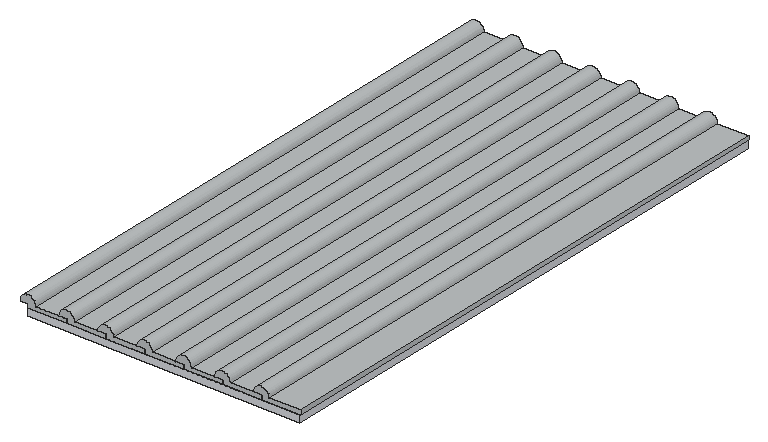
Revit family "Tambour Ellis .5 in - 18  x 36", category Generic Models, host Face, Revit 2023
Family settings
  Host = Face
  Can host rebar = No
  Round Connector Dimension = Use Diameter
  Part Type = Normal
  Cut with Voids When Loaded = No
  Maintain Annotation Orientation = No
  Shared = No
  Room Calculation Point = No
Parameters (values of type "Tambour Ellis 18 x 36 - SW MATTE LIGHT GRAY")
  Tambour Material = Cambio Color Block - Morning Fog
  Default Elevation = 4' - 0"
Types (7): name | Tambour Material
  (no name) | Cambio Color Block - Morning Fog
  Tambour Ellis 18 x 36 - OAK | Cambio Wood Veneer - Oak
  Tambour Ellis 18 x 36 - WALNUT | Cambio Wood Veneer - Walnut
  Tambour Ellis 18 x 36 - SW MATTE BLACK | Cambio Color Block - Tricorn Black
  Tambour Ellis 18 x 36 - SW MATTE WHITE | Cambio Color Block - White Flour
  Tambour Ellis 18 x 36 - SW MATTE GRAY | Cambio Color Block - Serious Gray
  Tambour Ellis 18 x 36 - SW MATTE LIGHT GRAY | Cambio Color Block - Morning Fog
Reference planes (in)
  plane 1 "Center (Front/Back)": y = 0
  plane 2: z = 0
  plane 3 "Center (Left/Right)": x = 0
  plane 4 "Face of Substrate": z = 0.47244
Dimensions and locks (in)
  aligned and locked: plane 2 to host face
  aligned and locked: level to host face
Nested families (in)
  nested 1: "17.5 x 36 Substrate" at (0, 0, 0), type "17.5 x 36 Substrate"
  nested 2: "Tambour Ellis Stick - 1in" at (-8.5, 0, 0.47244), type "TAMBOUR .5 X 36""
    with STICK LENGTH 3' - 0"
  nested 3: "Tambour Ellis Stick - 1in" at (-6, 0, 0.47244), type "TAMBOUR .5 X 36""
    with STICK LENGTH 3' - 0"
  nested 4: "Tambour Ellis Stick - 1in" at (-3.5, 0, 0.47244), type "TAMBOUR .5 X 36""
    with STICK LENGTH 3' - 0"
  nested 5: "Tambour Ellis Stick - 1in" at (-1, 0, 0.47244), type "TAMBOUR .5 X 36""
    with STICK LENGTH 3' - 0"
  nested 6: "Tambour Ellis Stick - 1in" at (1.5, 0, 0.47244), type "TAMBOUR .5 X 36""
    with STICK LENGTH 3' - 0"
  nested 7: "Tambour Ellis Stick - 1in" at (4, 0, 0.47244), type "TAMBOUR .5 X 36""
    with STICK LENGTH 3' - 0"
  nested 8: "Tambour Ellis Stick - 1in" at (6.5, 0, 0.47244), type "TAMBOUR .5 X 36""
    with STICK LENGTH 3' - 0"
Definition of nested family "17.5 x 36 Substrate"
  Parameters (values of type "17.5 x 36 Substrate")
    Width = 1' - 5 1/2"
    Substrate Material = none
    Substrate Height = 1' - 3"
    Height = 3' - 0"
    Default Elevation = 4' - 0"
  Reference planes (in)
    plane 1 "Center (Front/Back)": y = 0
    plane 2: z = 0
    plane 3 "Center (Left/Right)": x = 0
    plane 4: x = -9
  Forms (in)
    Extrusion 1, solid
      sketch origin (0, 0, 0) x (1, 0, 0) y (0, 1, 0)
        loop
          line (-48, 48) -> (-48, -48) -> (48, -48) -> (48, 48) -> (-48, 48)
      from 0 to -12
    Extrusion 2, solid, material <- "Substrate Material"
      sketch origin (0, 0, 0) x (1, 0, 0) y (0, 1, 0)
        loop
          line (-8.5, 18) -> (-8.5, -18) -> (9, -18) -> (9, 18) -> (-8.5, 18)
      from 0 to 0.47244
  Dimensions and locks (in)
    plane 4 to plane 3 "Center (Left/Right)" to Extrusion 2 sketch curve = 0' - 9", 0' - 9"
    equal spacing: Extrusion 2 sketch curve, plane 1 "Center (Front/Back)", Extrusion 2 sketch curve
    "Height": Extrusion 2 to Extrusion 2
    "Width": Extrusion 2 to Extrusion 2
    locked: plane 4 to Extrusion 2 sketch curve at 0.5
    aligned and locked: plane 2 to Extrusion 1
    aligned and locked: level to Extrusion 1
  Automatic sketch dimensions
    Extrusion 1 sketch curve to Extrusion 1 sketch curve = 8' - 0"  (x2)
    plane 1 "Center (Front/Back)" to Extrusion 2 sketch curve = 1' - 6"
Definition of nested family "Tambour Ellis Stick - 1in"
  Parameters (values of type "TAMBOUR .75 X 18" - OAK")
    TAMBOUR MATERIAL = none
    STICK LENGTH = 1' - 6"
    Default Elevation = 4' - 0"
  Types (25): name | STICK LENGTH
    (no name) | 1' - 6"
    TAMBOUR .75 X 18" - OAK | 1' - 6"
    TAMBOUR .75 X 36" - OAK | 3' - 0"
    TAMBOUR .75 X 54" - OAK | 4' - 6"
    TAMBOUR .75 X 90" - WALNUT | 7' - 6"
    TAMBOUR .75 X 18" - WALNUT | 1' - 6"
    TAMBOUR .75 X 36" - WALNUT | 3' - 0"
    TAMBOUR .75 X 54" - WALNUT | 4' - 6"
    TAMBOUR .75 X 90" - OAK | 7' - 6"
    TAMBOUR .75 X 18" - SW MATTE BLACK | 1' - 6"
    TAMBOUR .75 X 36" - SW MATTE BLACK | 3' - 0"
    TAMBOUR .75 X 54" - SW MATTE BLACK | 4' - 6"
    TAMBOUR .75 X 90" - SW MATTE BLACK | 7' - 6"
    TAMBOUR .75 X 90" - SW MATTE GREY | 7' - 6"
    TAMBOUR .75 X 54" - SW MATTE GREY | 4' - 6"
    TAMBOUR .75 X 36" - SW MATTE GREY | 4' - 6"
    TAMBOUR .75 X 18" - SW MATTE GREY | 1' - 6"
    TAMBOUR .75 X 18" -SW MATTE LIGHT GRAY | 1' - 6"
    TAMBOUR .75 X 36" -SW MATTE LIGHT GRAY | 3' - 0"
    TAMBOUR .75 X 54" -SW MATTE LIGHT GRAY | 4' - 6"
    TAMBOUR .75 X 90" -SW MATTE LIGHT GRAY | 7' - 6"
    TAMBOUR .75 X 90" -SW MATTE WHITE | 7' - 6"
    TAMBOUR .75 X 54" -SW MATTE WHITE | 4' - 6"
    TAMBOUR .75 X 36" -SW MATTE WHITE | 3' - 0"
    TAMBOUR .75 X 18" -SW MATTE WHITE | 1' - 6"
  Reference planes (in)
    plane 1 "Center (Front/Back)": y = 0
    plane 2: z = 0
    plane 3 "Center (Left/Right)": x = 0
    plane 4: y = -9
    plane 5: y = 9
  Forms (in)
    Extrusion 1, solid
      sketch origin (0, 0, 0) x (1, 0, 0) y (0, 1, 0)
        loop
          line (-48, 48) -> (-48, -48) -> (48, -48) -> (48, 48) -> (-48, 48)
      from 0 to -12
    Extrusion 2, solid, material <- "TAMBOUR MATERIAL"
      sketch origin (0, 0, 0) x (1, 0, 0) y (0, 0, 1)
        loop
          line (0, 0) -> (2.5, 0) -> (2.5, 0.25) -> (0.5, 0.25)
          arc (0.5, 0.25) -> (0, 0.75) -> (-0.5, 0.25) r 0.5
          line (-0.5, 0.25) -> (0, 0.25) -> (0, 0)
      from -9 to 9
  Dimensions and locks (in)
    equal spacing: plane 5, plane 1 "Center (Front/Back)", plane 4
    "STICK LENGTH": plane 5 to plane 4
    aligned and locked: plane 2 to Extrusion 1
    aligned and locked: level to Extrusion 1
    aligned and locked: Extrusion 2 to plane 4
    aligned and locked: plane 5 to Extrusion 2
  Automatic sketch dimensions
    Extrusion 1 sketch curve to Extrusion 1 sketch curve = 8' - 0"  (x2)
    Extrusion 2 sketch curve to plane 3 "Center (Left/Right)" = 0' - 0"  (x2)
    Extrusion 2 sketch curve to level = 0' - 0"
    plane 3 "Center (Left/Right)" to Extrusion 2 sketch curve = 0' - 0 1/2"
    Extrusion 2 sketch curve to Extrusion 2 sketch curve = 0' - 2"
    Extrusion 2 sketch curve to Extrusion 2 sketch curve = 0' - 0 1/4"
